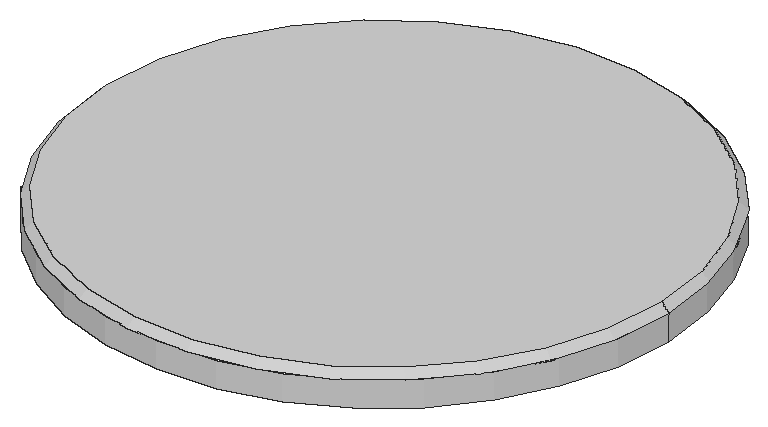
Revit family "24 CIRCLE", category Specialty Equipment, Revit 2023
Family settings
  Round Connector Dimension = Use Diameter
  Part Type = Normal
  OmniClass Number = 23.35.00.00
  OmniClass Title = Covering, Cladding, and Finishes
  Work Plane-Based = Yes
  Enable Cutting in Views = Yes
  Always vertical = No
  Cut with Voids When Loaded = No
  Maintain Annotation Orientation = No
  Shared = No
  Room Calculation Point = No
Parameters (values of type "1-3/8 inch thick Primed White")
  URL = "https://www.acousticalsurfaces.com/envirocoustic-wood-wool/shapes/"
  Type Comments = "Acoustic Panels"
  Thickness = 0' - 1 3/8"
  Recycled Content Percentage = "0%"
  Model = "Envirocoustic Wood Wool"
  Material = "Envirocoustic Wood Wool"
  Manufacturer = "Acoustical Surfaces, Inc."
  Fire Rating = "ASTM E84 - Class A"
  Finish = Paint - Acoustical-Surfaces - Primed White
  Description = "Acoustic Panels"
  Default Elevation = 0' - 0"
  Assembly Code = "C30"
  Acoustics - NRC = "Sound absorption varies from NRC 0.45 to 0.95 based on installation method used when tested per ASTM C423."
Types (9): name | Thickness | Finish
  1-3/8 inch thick Primed White | 0' - 1 3/8" | Paint - Acoustical-Surfaces - Primed White
  1-3/8 inch thick Primed Clear | 0' - 1 3/8" | Paint - Acoustical-Surfaces - Primed Clear
  1-3/8 inch thick Custom Painted | 0' - 1 3/8" | Paint - Acoustical-Surfaces - Custom Painted
  2 inch thick Primed White | 0' - 2" | Paint - Acoustical-Surfaces - Primed White
  2 inch thick Primed Clear | 0' - 2" | Paint - Acoustical-Surfaces - Primed Clear
  2 inch thick Custom Painted | 0' - 2" | Paint - Acoustical-Surfaces - Custom Painted
  1 inch thick Primed White | 0' - 1" | Paint - Acoustical-Surfaces - Primed White
  1 inch thick Primed Clear | 0' - 1" | Paint - Acoustical-Surfaces - Primed Clear
  1 inch thick Custom Painted | 0' - 1" | Paint - Acoustical-Surfaces - Custom Painted
Reference planes (in)
  plane 1 "Center (Front/Back)": y = 0
  plane 2: z = 0
  plane 3 "Center (Left/Right)": x = 0
  plane 4: z = 1.375
  plane 5: z = -1
  plane 6: x = -12
  plane 7: x = 12
  plane 8: y = 12
  plane 9: y = -12
Forms (in)
  Extrusion 1, solid, material "Paint - Acoustical-Surfaces - Primed White" <- "Finish"
    sketch origin (0, 0, 0) x (1, 0, 0) y (0, 1, 0)
      loop
        circle (0, 0) r 12
    from 0 to 1.375
  Sweep 2, void
    path origin (0, 0, 1.375) x (1, 0, 0) y (0, 1, 0)
      loop
        circle (0, 0) r 12
    profile "Triangle : Family2" origin (0, 12, 1.375) x (0, -1, 0) y (0, 0, 1)
      loop
        line (0, 0) -> (0, -0.315) -> (0.315, 0) -> (0, 0)
Cuts and joins
  Sweep 2 cuts Extrusion 1
Dimensions and locks (in)
  "Thickness": plane 4 to level
  level to plane 5 = 0' - 1"
  aligned and locked: level to plane 2
  aligned and locked: Extrusion 1 to plane 4
Automatic sketch dimensions
  plane 1 "Center (Front/Back)" to Extrusion 1 sketch curve = 0' - 0"
  Extrusion 1 sketch curve to plane 3 "Center (Left/Right)" = 0' - 0"
  radius of Extrusion 1 sketch curve = 1' - 0"
  radius of Sweep 2 sketch curve to Extrusion 1 = 0' - 0"
